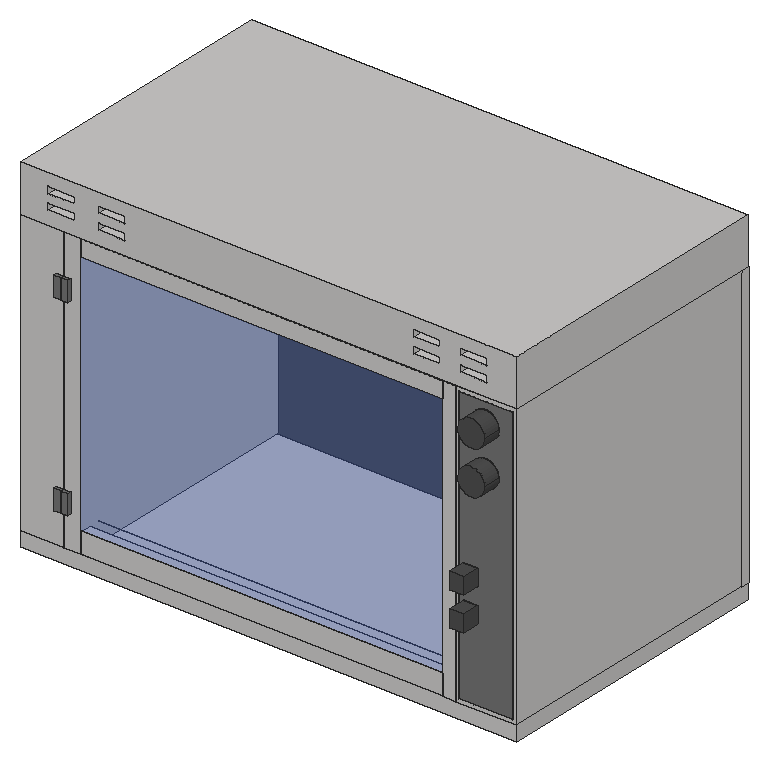
Revit family "QF_Vollrath_40841", category Specialty Equipment, Revit 2016
Family settings
  Part Type = Normal
  Round Connector Dimension = Use Diameter
  OmniClass Number = 23.40.40.14.17.11
  OmniClass Title = Cookers, Ovens, Stoves
  Work Plane-Based = No
  Always vertical = Yes
  Cut with Voids When Loaded = No
  Shared = No
  Room Calculation Point = No
Parameters (values of type "40841")
  Width = 15.80078"
  Weight in Pounds = 140
  Watts = 5000 W
  Watermarked By = "http://revitwatermark.com"
  Volts = 230 V
  URL Cutsheet = ""
  URL = "www.vollrathco.com"
  Status [instance] = ""
  Specification by User [instance] = ""
  Specification by Manufacturer = ""
  Serial Number [instance] = ""
  Seismic Rating [instance] = ""
  Revision Code [instance] = ""
  Phase = 1
  Number of Poles [instance] = 1
  NAFEM Spec ID Number [instance] = ""
  Model = "40841"
  Masterspec = ""
  Manufacturer = "Vollrath"
  Item Number [instance] = ""
  Installed By [instance] = ""
  Height AFF [instance] = 36.00"
  Furnished By [instance] = ""
  Foodservice Equipment Identifier [instance] = yes
  FL Amps = 12 A
  Electrical Remarks [instance] = ""
  Electric Connection Type [instance] = ""
  Elec Conn RI Height [instance] = 0.00"
  Elec Conn Connection Height = 2.00"
  Description = "Chicken Rotisserie Oven"
  Cycle = 60 Hz
  Conn Plug = "NEMA 6-30P"
  CSI MasterFormat = "11 42 13"
  Assembly Code = "E1090320"
  Apparent Power = if(Phase = 3, Volts * FL Amps * 1.73, Volts * FL Amps)  # 2760 VA
Reference planes (in)
  plane 1: z = 0
  plane 2 "LEFT": x = 48
  plane 3 "BACK": y = -48
  plane 4 "BOTTOM": z = 36
  plane 5 "RIGHT": x = 85
  plane 6 "FRONT": y = -69.625
  plane 7: z = 62.125
  plane 8: x = 42
  plane 9: x = 91
  plane 10: y = -42
  plane 11: z = 37.5
  plane 12: y = -70.43078
  plane 13: y = -84.86
  plane 14: z = 58.59676
  plane 15: z = 55.66534
  plane 16: z = 54.16534
  plane 17: z = 41.41534
  plane 18: z = 39.91534
  plane 19: z = 36.38532
  plane 20: z = 57.3444
  plane 21: z = 39.03525
Forms (in)
  Extrusion 1, solid, material "QF_Finishes_Clearances", detail levels coarse
    sketch origin (0, 0, 0) x (1, 0, 0) y (0, 1, 0)
      loop
        line (48, -69.625) -> (48, -48) -> (85, -48) -> (85, -69.625) -> (91, -69.625) -> (91, -42) -> (42, -42) -> (42, -69.625) -> (48, -69.625)
    from 36 to 62.125
  Extrusion 2, solid, material "QF_Finishes_Stainless Steel"
    sketch origin (0, 0, 0) x (1, 0, 0) y (0, 1, 0)
      loop
        line (48, -48) -> (48, -69.625) -> (85, -69.625) -> (85, -48) -> (48, -48)
    from 58.59676 to 62.125
  Extrusion 3, solid, material "QF_Finishes_Stainless Steel"
    sketch origin (0, -69.625, 0) x (-1, 0, 0) y (0, 0, 1)
      loop
        line (-80.49056, 58.59676) -> (-85, 58.59676) -> (-85, 37.5) -> (-80.49056, 37.5) -> (-80.49056, 58.59676)
      loop
        line (-80.7331, 58.3444) -> (-84.7331, 58.3444) -> (-84.7331, 37.75858) -> (-80.7331, 37.75858) -> (-80.7331, 58.3444)
      loop
        circle (-82.67368, 56.75431) r 1
      loop
        circle (-82.67368, 53.50431) r 1
      loop
        line (-81.09277, 46.96569) -> (-82.09277, 46.96569) -> (-82.09277, 45.71569) -> (-81.09277, 45.71569) -> (-81.09277, 46.96569)
      loop
        line (-81.09277, 44.46569) -> (-82.09277, 44.46569) -> (-82.09277, 43.21569) -> (-81.09277, 43.21569) -> (-81.09277, 44.46569)
    from 0 to 21.04176
  Extrusion 4, solid, material "QF_Finishes_Stainless Steel"
    sketch origin (0, -69.625, 0) x (-1, 0, 0) y (0, 0, 1)
      loop
        line (-79.50053, 58.59676) -> (-80.49056, 58.59676) -> (-80.49056, 37.5) -> (-79.50053, 37.5) -> (-79.50053, 58.59676)
    from 0 to 21.625
  Extrusion 5, solid, material "QF_Finishes_Stainless Steel"
    sketch origin (0, -69.625, 0) x (-1, 0, 0) y (0, 0, 1)
      loop
        line (-48, 58.59676) -> (-51.24267, 58.59676) -> (-51.24267, 37.5) -> (-48, 37.5) -> (-48, 58.59676)
    from 0 to 21.625
  Extrusion 6, solid, material "QF_Finishes_Stainless Steel"
    sketch origin (0, -69.625, 0) x (-1, 0, 0) y (0, 0, 1)
      loop
        line (-51.24267, 58.59676) -> (-52.51557, 58.59676) -> (-52.51557, 37.5) -> (-51.24267, 37.5) -> (-51.24267, 58.59676)
    from 0 to 21.625
  Extrusion 7, solid, material "QF_Finishes_Dark Grey"
    sketch origin (0, -69.625, 0) x (-1, 0, 0) y (0, 0, 1)
      loop
        line (-50.70895, 55.66534) -> (-51.24267, 55.66534) -> (-51.24267, 54.16534) -> (-50.70895, 54.16534) -> (-50.70895, 55.66534)
    from -0.26027 to 0
  Extrusion 8, solid, material "QF_Finishes_Dark Grey"
    sketch origin (0.53373, -69.625, 0) x (-1, 0, 0) y (0, 0, 1)
      loop
        line (-50.70895, 55.66534) -> (-51.24267, 55.66534) -> (-51.24267, 54.16534) -> (-50.70895, 54.16534) -> (-50.70895, 55.66534)
    from -0.26027 to 0
  Extrusion 9, solid, material "QF_Finishes_Dark Grey"
    sketch origin (0, -69.625, -11.25) x (-1, 0, 0) y (0, 0, 1)
      loop
        line (-50.70895, 52.66534) -> (-51.24267, 52.66534) -> (-51.24267, 51.16534) -> (-50.70895, 51.16534) -> (-50.70895, 52.66534)
    from -0.26027 to 0
  Extrusion 10, solid, material "QF_Finishes_Dark Grey"
    sketch origin (0.53373, -69.625, -11.25) x (-1, 0, 0) y (0, 0, 1)
      loop
        line (-50.70895, 52.66534) -> (-51.24267, 52.66534) -> (-51.24267, 51.16534) -> (-50.70895, 51.16534) -> (-50.70895, 52.66534)
    from -0.26027 to 0
  Extrusion 11, solid, material "QF_Finishes_Stainless Steel"
    sketch origin (0, 0, 0) x (1, 0, 0) y (0, 1, 0)
      loop
        circle (49.24551, -49.2318) r 0.37805
    from 36 to 36.38532
  Extrusion 12, solid, material "QF_Finishes_Stainless Steel"
    sketch origin (26.75, 0, 0) x (1, 0, 0) y (0, 1, 0)
      loop
        circle (56.99551, -49.2318) r 0.37805
    from 36 to 36.38532
  Extrusion 13, solid, material "QF_Finishes_Stainless Steel"
    sketch origin (0, -17.75, 0) x (1, 0, 0) y (0, 1, 0)
      loop
        circle (49.24551, -50.7943) r 0.37805
    from 36 to 36.38532
  Extrusion 14, solid, material "QF_Finishes_Stainless Steel"
    sketch origin (26.75, -17.75, 0) x (1, 0, 0) y (0, 1, 0)
      loop
        circle (56.99551, -50.7943) r 0.37805
    from 36 to 36.38532
  Extrusion 15, solid, material "QF_Finishes_Stainless Steel"
    sketch origin (0, -69.625, 0) x (-1, 0, 0) y (0, 0, 1)
      loop
        line (-48, 37.5) -> (-85, 37.5) -> (-85, 36.38532) -> (-48, 36.38532) -> (-48, 37.5)
    from 0 to 21.625
  Extrusion 16, solid, material "QF_Finishes_Stainless Steel"
    sketch origin (0, -69.625, 0) x (-1, 0, 0) y (0, 0, 1)
      loop
        line (-52.51557, 58.59676) -> (-79.50053, 58.59676) -> (-79.50053, 37.5) -> (-52.51557, 37.5) -> (-52.51557, 58.59676)
    from 21.625 to 18.61461
  Extrusion 17, solid, material "QF_Finishes_Black"
    sketch origin (0, -69.625, 0) x (-1, 0, 0) y (0, 0, 1)
      loop
        circle (-82.67368, 56.75431) r 1
      loop
        circle (-82.67368, 53.50431) r 1
      loop
        line (-81.09277, 46.96569) -> (-82.09277, 46.96569) -> (-82.09277, 45.71569) -> (-81.09277, 45.71569) -> (-81.09277, 46.96569)
      loop
        line (-81.09277, 44.46569) -> (-82.09277, 44.46569) -> (-82.09277, 43.21569) -> (-81.09277, 43.21569) -> (-81.09277, 44.46569)
    from -1.28148 to 12
  Extrusion 18, solid, material "QF_Finishes_Dark Grey"
    sketch origin (0, -69.625, 0) x (-1, 0, 0) y (0, 0, 1)
      loop
        line (-84.7331, 58.3444) -> (-84.7331, 37.75858) -> (-80.7331, 37.75858) -> (-80.7331, 58.3444) -> (-84.7331, 58.3444)
      loop
        line (-82.09277, 44.46569) -> (-82.09277, 43.21569) -> (-81.09277, 43.21569) -> (-81.09277, 44.46569) -> (-82.09277, 44.46569)
      loop
        line (-82.09277, 45.71569) -> (-81.09277, 45.71569) -> (-81.09277, 46.96569) -> (-82.09277, 46.96569) -> (-82.09277, 45.71569)
      loop
        circle (-82.67368, 53.50431) r 1
      loop
        circle (-82.67368, 56.75431) r 1
    from 0 to 12.45716
  Extrusion 19, solid, material "QF_Finishes_Stainless Steel"
    sketch origin (0, -69.625, 0) x (-1, 0, 0) y (0, 0, 1)
      loop
        line (-52.51557, 58.59676) -> (-79.50053, 58.59676) -> (-79.50053, 57.3444) -> (-52.51557, 57.3444) -> (-52.51557, 58.59676)
    from 0 to 0.78044
  Extrusion 20, solid, material "QF_Finishes_Stainless Steel"
    sketch origin (0, -69.625, 0) x (-1, 0, 0) y (0, 0, 1)
      loop
        line (-52.51557, 39.03525) -> (-79.50053, 39.03525) -> (-79.50053, 37.5) -> (-52.51557, 37.5) -> (-52.51557, 39.03525)
    from 0 to 0.78044
  Extrusion 21, solid, material "QF_Finishes_Glass"
    sketch origin (0, -69.625, 0) x (-1, 0, 0) y (0, 0, 1)
      loop
        line (-52.51557, 57.3444) -> (-79.50053, 57.3444) -> (-79.50053, 39.03525) -> (-52.51557, 39.03525) -> (-52.51557, 57.3444)
    from 0 to 1.56756
  Extrusion 22, solid, material "QF_Finishes_Black"
    sketch origin (0, -69.625, 0) x (-1, 0, 0) y (0, 0, 1)
      loop
        line (-52.51557, 58.59676) -> (-79.50053, 58.59676) -> (-79.50053, 37.5) -> (-52.51557, 37.5) -> (-52.51557, 58.59676)
    from 18.33009 to 18.61461
  Extrusion 23, void
    sketch origin (0, -69.625, 0) x (-1, 0, 0) y (0, 0, 1)
      loop
        line (-50.07467, 61.25989) -> (-52.07467, 61.25989) -> (-52.07467, 60.75989) -> (-50.07467, 60.75989) -> (-50.07467, 61.25989)
    from 0 to 12
  Extrusion 24, void
    sketch origin (0, -69.625, -1.12572) x (-1, 0, 0) y (0, 0, 1)
      loop
        line (-50.07467, 61.25989) -> (-52.07467, 61.25989) -> (-52.07467, 60.75989) -> (-50.07467, 60.75989) -> (-50.07467, 61.25989)
    from 0 to 12
  Extrusion 25, void
    sketch origin (3.75, -69.625, 0) x (-1, 0, 0) y (0, 0, 1)
      loop
        line (-50.07467, 61.25989) -> (-52.07467, 61.25989) -> (-52.07467, 60.75989) -> (-50.07467, 60.75989) -> (-50.07467, 61.25989)
    from 0 to 12
  Extrusion 26, void
    sketch origin (3.75, -69.625, -1.12572) x (-1, 0, 0) y (0, 0, 1)
      loop
        line (-50.07467, 61.25989) -> (-52.07467, 61.25989) -> (-52.07467, 60.75989) -> (-50.07467, 60.75989) -> (-50.07467, 61.25989)
    from 0 to 12
  Extrusion 27, void
    sketch origin (23, -69.625, 0) x (-1, 0, 0) y (0, 0, 1)
      loop
        line (-57.82467, 61.25989) -> (-59.82467, 61.25989) -> (-59.82467, 60.75989) -> (-57.82467, 60.75989) -> (-57.82467, 61.25989)
    from 0 to 12
  Extrusion 28, void
    sketch origin (23, -69.625, -1.12572) x (-1, 0, 0) y (0, 0, 1)
      loop
        line (-57.82467, 61.25989) -> (-59.82467, 61.25989) -> (-59.82467, 60.75989) -> (-57.82467, 60.75989) -> (-57.82467, 61.25989)
    from 0 to 12
  Extrusion 29, void
    sketch origin (19.5, -69.625, 0) x (-1, 0, 0) y (0, 0, 1)
      loop
        line (-57.82467, 61.25989) -> (-59.82467, 61.25989) -> (-59.82467, 60.75989) -> (-57.82467, 60.75989) -> (-57.82467, 61.25989)
    from 0 to 12
  Extrusion 30, void
    sketch origin (19.5, -69.625, -1.12572) x (-1, 0, 0) y (0, 0, 1)
      loop
        line (-57.82467, 61.25989) -> (-59.82467, 61.25989) -> (-59.82467, 60.75989) -> (-57.82467, 60.75989) -> (-57.82467, 61.25989)
    from 0 to 12
  Extrusion 31, solid, material "QF_Finishes_Stainless Steel"
    sketch origin (0, -48, 0) x (1, 0, 0) y (0, 0, 1)
      loop
        line (85, 58.59676) -> (80.49056, 58.59676) -> (80.49056, 37.5) -> (85, 37.5) -> (85, 58.59676)
    from 0 to 0.58324
  Extrusion 32, solid, material "QF_Finishes_Stainless Steel"
    sketch origin (0, -48, 0) x (1, 0, 0) y (0, 0, 1)
      loop
        circle (54.62451, 39.91534) r 0.5
    from 0 to -0.38749
Cuts and joins
  Extrusion 23, Extrusion 24, Extrusion 25, Extrusion 26, Extrusion 27, Extrusion 28, Extrusion 29, Extrusion 30 cuts Extrusion 1
  Extrusion 23, Extrusion 24, Extrusion 25, Extrusion 26, Extrusion 27, Extrusion 28, Extrusion 29, Extrusion 30 cuts Extrusion 2
Lines and regions (in)
  symbolic lines
    curve 1: line (85, -48, 0) -> (48, -48, 0)
    curve 2: line (48, -48, 0) -> (48, -69.625, 0)
    curve 3: line (48, -69.625, 0) -> (85, -69.625, 0)
    curve 4: line (85, -69.625, 0) -> (85, -48, 0)
Dimensions and locks (in)
  plane 2 "LEFT" to plane 5 "RIGHT" = 37.00"  (x2)
  plane 6 "FRONT" to plane 3 "BACK" = 21.625"  (x2)
  "Height AFF": plane 4 "BOTTOM" to level
  plane 3 "BACK" to plane 10 = 6.00"
  plane 8 to plane 2 "LEFT" = 6.00"
  locked: plane 5 "RIGHT" to plane 9 at 6
  locked: plane 7 to plane 14 at 3.52824
  locked: plane 19 to plane 4 "BOTTOM" at 0.38532
  locked: plane 11 to plane 19 at 1.11468
  locked: plane 15 to plane 16 at 1.5
  locked: plane 17 to plane 18 at 1.5
  locked: plane 14 to plane 15 at 2.93142
  locked: plane 18 to plane 11 at 2.41534
  locked: plane 14 to plane 20 at 1.25236
  locked: plane 21 to plane 11 at 1.53525
  locked: plane 16 to plane 17 at 12.75
  aligned and locked: level to plane 1
  aligned and locked: plane 7 to Extrusion 1
  aligned: Extrusion 1 to plane 4 "BOTTOM"
  aligned and locked: Extrusion 2 sketch curve to Extrusion 1  (x4)
  aligned and locked: plane 7 to Extrusion 2
  aligned and locked: Extrusion 2 to plane 14
  aligned: Extrusion 1 to plane 11
  aligned and locked: plane 14 to Extrusion 3 sketch curve
  aligned and locked: plane 14 to Extrusion 4 sketch curve
  aligned and locked: Extrusion 5 sketch curve to Extrusion 2
  aligned and locked: Extrusion 5 sketch curve to plane 11
  aligned and locked: Extrusion 5 to Extrusion 6 sketch curve
  aligned and locked: Extrusion 6 sketch curve to plane 11
  aligned and locked: plane 15 to Extrusion 7 sketch curve
  aligned and locked: Extrusion 5 to Extrusion 7 sketch curve
  aligned and locked: plane 15 to Extrusion 8
  aligned and locked: Extrusion 8 to plane 16
  aligned and locked: plane 17 to Extrusion 9
  aligned and locked: Extrusion 9 to plane 18
  aligned and locked: plane 17 to Extrusion 10
  aligned and locked: Extrusion 10 to plane 18
  aligned and locked: Extrusion 12 to plane 4 "BOTTOM"
  aligned and locked: Extrusion 14 to plane 4 "BOTTOM"
  aligned and locked: Extrusion 13 to plane 4 "BOTTOM"
  aligned and locked: Extrusion 11 to plane 4 "BOTTOM"
  aligned and locked: Extrusion 1 to plane 4 "BOTTOM"
  aligned and locked: plane 19 to Extrusion 13
  aligned and locked: plane 19 to Extrusion 11
  aligned and locked: Extrusion 4 sketch curve to plane 11
  aligned and locked: Extrusion 3 sketch curve to plane 11
  aligned and locked: plane 19 to Extrusion 14
  aligned and locked: plane 19 to Extrusion 12
  aligned and locked: Extrusion 15 sketch curve to Extrusion 5
  aligned and locked: Extrusion 15 sketch curve to plane 19
  aligned and locked: Extrusion 6 to Extrusion 16 sketch curve
  aligned and locked: Extrusion 4 to Extrusion 16 sketch curve
  aligned and locked: Extrusion 17 sketch curve to Extrusion 3  (x12)
  aligned and locked: Extrusion 18 sketch curve to Extrusion 17  (x4)
  aligned and locked: Extrusion 18 sketch curve to Extrusion 3  (x3)
  aligned and locked: Extrusion 19 sketch curve to Extrusion 16
  aligned and locked: Extrusion 19 sketch curve to plane 20
  aligned and locked: plane 21 to Extrusion 20 sketch curve
  aligned and locked: Extrusion 20 sketch curve to Extrusion 16
  aligned and locked: Extrusion 21 sketch curve to Extrusion 19
  aligned and locked: Extrusion 21 sketch curve to Extrusion 20
  aligned and locked: Extrusion 22 sketch curve to Extrusion 16  (x2)
  aligned and locked: Extrusion 31 sketch curve to cut or joined group of Extrusion 2, Extrusion 23, Extrusion 24, Extrusion 25, Extrusion 26, Extrusion 27, Extrusion 28, Extrusion 29, Extrusion 30
  aligned and locked: Extrusion 31 sketch curve to Extrusion 3
  aligned and locked: Extrusion 3 to Extrusion 31
Automatic sketch dimensions
  Extrusion 1 sketch curve to plane 6 "FRONT" = 0.00"  (x2)
  Extrusion 1 sketch curve to plane 8 = 0.00"
  Extrusion 1 sketch curve to plane 2 "LEFT" = 0.00"
  Extrusion 1 sketch curve to plane 5 "RIGHT" = 0.00"
  Extrusion 1 sketch curve to plane 9 = 0.00"
  plane 3 "BACK" to Extrusion 1 sketch curve = 0.00"
  plane 10 to Extrusion 1 sketch curve = 0.00"
  Extrusion 3 sketch curve to plane 5 "RIGHT" = 0.00"
  Extrusion 3 sketch curve to plane 5 "RIGHT" = 0.2669"
  Extrusion 3 sketch curve to plane 16 = 0.66104"
  Extrusion 3 sketch curve to plane 5 "RIGHT" = 2.32632"  (x2)
  Extrusion 3 sketch curve to plane 20 = 0.5901"
  Extrusion 3 sketch curve to plane 5 "RIGHT" = 2.90723"
  Extrusion 3 sketch curve to Extrusion 3 sketch curve = 0.00"
  Extrusion 3 sketch curve to Extrusion 3 sketch curve = 1.00"  (x2)
  plane 11 to Extrusion 3 sketch curve = 0.25858"
  Extrusion 3 sketch curve to Extrusion 3 sketch curve = 4.00"
  Extrusion 3 sketch curve to Extrusion 3 sketch curve = 0.24254"
  plane 17 to Extrusion 3 sketch curve = 1.80034"
  Extrusion 3 sketch curve to Extrusion 3 sketch curve = 1.25"  (x3)
  Extrusion 3 sketch curve to plane 14 = 0.25236"
  Extrusion 4 sketch curve to plane 5 "RIGHT" = 4.50944"
  Extrusion 4 sketch curve to Extrusion 4 sketch curve = 0.99003"
  Extrusion 5 sketch curve to plane 2 "LEFT" = 0.00"
  plane 2 "LEFT" to Extrusion 5 sketch curve = 3.24267"
  plane 2 "LEFT" to Extrusion 6 sketch curve = 4.51557"
  Extrusion 6 sketch curve to Extrusion 6 sketch curve = 1.2729"
  Extrusion 7 sketch curve to plane 16 = 0.00"
  Extrusion 7 sketch curve to Extrusion 7 sketch curve = 0.53373"
  Extrusion 8 sketch curve to plane 15 = 0.00"
  Extrusion 8 sketch curve to plane 16 = 0.00"
  plane 2 "LEFT" to Extrusion 8 sketch curve = 3.7764"
  Extrusion 8 sketch curve to Extrusion 8 sketch curve = 0.53373"
  Extrusion 9 sketch curve to plane 17 = 0.00"
  Extrusion 9 sketch curve to plane 18 = 0.00"
  plane 2 "LEFT" to Extrusion 9 sketch curve = 3.24267"
  Extrusion 9 sketch curve to Extrusion 9 sketch curve = 0.53373"
  Extrusion 10 sketch curve to plane 17 = 0.00"
  Extrusion 10 sketch curve to plane 18 = 0.00"
  plane 2 "LEFT" to Extrusion 10 sketch curve = 3.7764"
  Extrusion 10 sketch curve to Extrusion 10 sketch curve = 0.53373"
  plane 2 "LEFT" to Extrusion 11 sketch curve = 1.24551"
  plane 3 "BACK" to Extrusion 11 sketch curve = 1.2318"
  Extrusion 12 sketch curve to plane 5 "RIGHT" = 1.25449"
  plane 3 "BACK" to Extrusion 12 sketch curve = 1.2318"
  plane 2 "LEFT" to Extrusion 13 sketch curve = 1.24551"
  plane 6 "FRONT" to Extrusion 13 sketch curve = 1.0807"
  Extrusion 14 sketch curve to plane 5 "RIGHT" = 1.25449"
  plane 6 "FRONT" to Extrusion 14 sketch curve = 1.0807"
  Extrusion 15 sketch curve to plane 5 "RIGHT" = 0.00"
  Extrusion 15 sketch curve to plane 2 "LEFT" = 0.00"
  Extrusion 16 sketch curve to plane 5 "RIGHT" = 5.49947"
  plane 2 "LEFT" to Extrusion 16 sketch curve = 4.51557"
  Extrusion 18 sketch curve to plane 5 "RIGHT" = 0.2669"
  Extrusion 18 sketch curve to plane 5 "RIGHT" = 2.90723"
  Extrusion 18 sketch curve to Extrusion 18 sketch curve = 0.00"
  Extrusion 18 sketch curve to Extrusion 18 sketch curve = 1.00"  (x2)
  plane 11 to Extrusion 18 sketch curve = 0.25858"
  Extrusion 18 sketch curve to Extrusion 18 sketch curve = 4.00"
  Extrusion 18 sketch curve to Extrusion 18 sketch curve = 1.25"
  Extrusion 18 sketch curve to plane 14 = 0.25236"
  Extrusion 19 sketch curve to plane 5 "RIGHT" = 5.49947"
  plane 2 "LEFT" to Extrusion 19 sketch curve = 4.51557"
  Extrusion 20 sketch curve to plane 5 "RIGHT" = 5.49947"
  plane 2 "LEFT" to Extrusion 20 sketch curve = 4.51557"
  Extrusion 21 sketch curve to plane 5 "RIGHT" = 5.49947"
  plane 2 "LEFT" to Extrusion 21 sketch curve = 4.51557"
  Extrusion 22 sketch curve to plane 5 "RIGHT" = 5.49947"
  plane 2 "LEFT" to Extrusion 22 sketch curve = 4.51557"
  Extrusion 23 sketch curve to plane 7 = 0.86511"
  plane 2 "LEFT" to Extrusion 23 sketch curve = 4.07467"
  Extrusion 23 sketch curve to Extrusion 23 sketch curve = 2.00"
  Extrusion 23 sketch curve to Extrusion 23 sketch curve = 0.50"
  plane 14 to Extrusion 24 sketch curve = 1.53742"
  plane 2 "LEFT" to Extrusion 24 sketch curve = 4.07467"
  Extrusion 24 sketch curve to Extrusion 24 sketch curve = 2.00"
  Extrusion 24 sketch curve to Extrusion 24 sketch curve = 0.50"
  Extrusion 25 sketch curve to plane 7 = 0.86511"
  plane 2 "LEFT" to Extrusion 25 sketch curve = 7.82467"
  Extrusion 25 sketch curve to Extrusion 25 sketch curve = 2.00"
  Extrusion 25 sketch curve to Extrusion 25 sketch curve = 0.50"
  plane 14 to Extrusion 26 sketch curve = 1.53742"
  plane 2 "LEFT" to Extrusion 26 sketch curve = 7.82467"
  Extrusion 26 sketch curve to Extrusion 26 sketch curve = 2.00"
  Extrusion 26 sketch curve to Extrusion 26 sketch curve = 0.50"
  Extrusion 27 sketch curve to plane 7 = 0.86511"
  Extrusion 27 sketch curve to plane 5 "RIGHT" = 2.17533"
  Extrusion 27 sketch curve to Extrusion 27 sketch curve = 2.00"
  Extrusion 27 sketch curve to Extrusion 27 sketch curve = 0.50"
  Extrusion 28 sketch curve to plane 5 "RIGHT" = 2.17533"
  Extrusion 28 sketch curve to Extrusion 28 sketch curve = 2.00"
  plane 14 to Extrusion 28 sketch curve = 1.03742"
  Extrusion 28 sketch curve to Extrusion 28 sketch curve = 0.50"
  Extrusion 29 sketch curve to plane 7 = 0.86511"
  Extrusion 29 sketch curve to plane 5 "RIGHT" = 5.67533"
  Extrusion 29 sketch curve to Extrusion 29 sketch curve = 2.00"
  Extrusion 29 sketch curve to Extrusion 29 sketch curve = 0.50"
  plane 14 to Extrusion 30 sketch curve = 1.53742"
  Extrusion 30 sketch curve to plane 5 "RIGHT" = 5.67533"
  Extrusion 30 sketch curve to Extrusion 30 sketch curve = 2.00"
  Extrusion 30 sketch curve to Extrusion 30 sketch curve = 0.50"
  Extrusion 31 sketch curve to plane 5 "RIGHT" = 0.00"
  Extrusion 31 sketch curve to Extrusion 31 sketch curve = 4.50944"
  Extrusion 32 sketch curve to plane 18 = 0.00"
  plane 2 "LEFT" to Extrusion 32 sketch curve = 6.62451"
  curve 1 to plane 2 "LEFT" = 0.00"
  plane 3 "BACK" to curve 1 = 0.00"
  curve 2 to plane 6 "FRONT" = 0.00"
  curve 3 to plane 5 "RIGHT" = 0.00"
  radius of Extrusion 3 sketch curve = 1.00"  (x2)
  radius of Extrusion 11 sketch curve = 0.37805"
  radius of Extrusion 12 sketch curve = 0.37805"
  radius of Extrusion 13 sketch curve = 0.37805"
  radius of Extrusion 14 sketch curve = 0.37805"
  radius of Extrusion 32 sketch curve = 0.50"
Connectors (in)
  electrical at (54.62451, -47.61251, 39.91534), driven by "Number of Poles", driven by "Volts", driven by "Apparent Power"
    settings: on Extrusion 32, index 1, voltage 230 V, apparent load 2760 VA, apparent load phase1 0 VA, apparent load phase2 0 VA, apparent load phase3 0 VA, power factor 1, load classification "Other", number of poles 1, system type 30, power factor state 1, is connector primary yes, connector utility no, sub classification motor no, connector description "Electric Connection"
